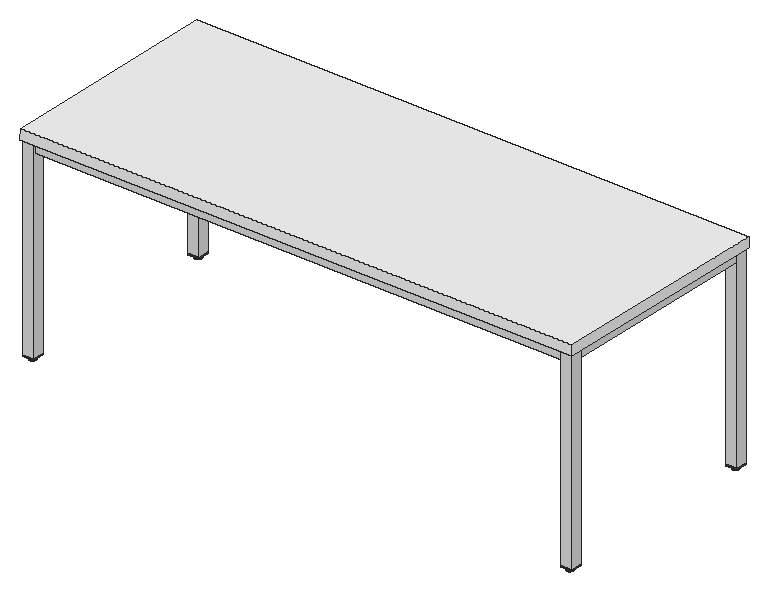
Revit family "Deck Steel Frame 800 Deep 750 High", category Furniture, Revit 2016
Family settings
  OmniClass Number = 23.40.20.00
  OmniClass Title = General Furniture and Specialties
  Work Plane-Based = No
  Always vertical = Yes
  Cut with Voids When Loaded = No
  Shared = No
  Room Calculation Point = No
Parameters (values of type "2000 x 800")
  Width = 2000 mm
  URL = "www.gof.co.uk"
  Type Comments = ""
  Range = "DECK"
  Product Code = "DCTSM20"
  Table Top = Gresham - White MFC
  Model = ""
  Manufacturer = "Gresham Office Furniture"  # constant formula
  Frame = Gresham - Silver Metal
  Foot = Gresham - Black Plastic
  Assembly Code = "E2020200"
Types (7, lengths in mm): name | Width | Product Code
  (no name) | 2000 | "DCTSM20"
  1600 x 800 | 1600 | "DCTSM16"
  1800 x 800 | 1800 | "DCTSM18"
  1400 x 800 | 1400 | "DCTSM14"
  2000 x 800 | 2000 | "DCTSM20"
  1200 x 800 | 1200 | "DCTSM12"
  1000 x 800 | 1000 | "DCTSM10"
Reference planes
  plane 1 "Center (Front/Back)": y = 0
  plane 2: z = 0
  plane 3 "Center (Left/Right)": x = 0
  plane 4: x = -1000
  plane 5: x = 1000
  plane 6 "Table Underside": z = 714
  plane 7: y = 400
  plane 8: y = -400
  plane 9 "Foot": z = 15
  plane 10: y = 62.5
  plane 11: y = -62.5
Forms (mm)
  Extrusion 1, solid, material "Gresham - Black Plastic"
    sketch origin (474.491, 501.168, 0) x (0.707107, -0.707107, 0) y (0.707107, 0.707107, 0)
      loop
        circle (973.358, -265.673) r 12
      loop
        circle (443.086, 264.6) r 12
    from 0 to 5
  Extrusion 2, solid, material "Gresham - White MFC" <- "Table Top"
    sketch origin (0, 0, 714) x (-1, 0, 0) y (0, -1, 0)
      loop
        line (-1000, -400) -> (1000, -400) -> (1000, 400) -> (-1000, 400) -> (-1000, -400)
    from 0 to 36
  Extrusion 3, solid, material "Gresham - Silver Metal" <- "Frame"
    sketch origin (995, -16.506, 0) x (0, -1, 0) y (0, 0, 1)
      loop
        line (338.494, 714) -> (338.494, 15) -> (378.494, 15) -> (378.494, 714) -> (338.494, 714)
    from 0 to 40
  Extrusion 4, solid, material "Gresham - Silver Metal"
    sketch origin (0, 16.622, 15) x (-1, 0, 0) y (0, -1, 0)
      loop
        circle (-975, 391.622) r 5
      loop
        circle (-975, -358.378) r 5
    from -10 to -5
  Extrusion 5, solid, material "Gresham - Black Plastic" <- "Foot"
    sketch origin (0, 0, 15) x (-1, 0, 0) y (0, -1, 0)
      loop
        line (-995, 395) -> (-995, 355) -> (-955, 355) -> (-955, 395) -> (-995, 395)
      loop
        line (-995, -395) -> (-955, -395) -> (-955, -355) -> (-995, -355) -> (-995, -395)
      loop
        line (995, 395) -> (955, 395) -> (955, 355) -> (995, 355) -> (995, 395)
      loop
        line (995, -395) -> (995, -355) -> (955, -355) -> (955, -395) -> (995, -395)
    from 0 to -5
  Extrusion 6, solid, material "Gresham - Silver Metal" <- "Frame"
    sketch origin (-995, -16.506, 0) x (0, -1, 0) y (0, 0, -1)
      loop
        line (338.494, -714) -> (378.494, -714) -> (378.494, -15) -> (338.494, -15) -> (338.494, -714)
    from 0 to 40
  Extrusion 7, solid, material "Gresham - Silver Metal" <- "Frame"
    sketch origin (995, 16.506, 0) x (0, 1, 0) y (0, 0, -1)
      loop
        line (338.494, -714) -> (378.494, -714) -> (378.494, -15) -> (338.494, -15) -> (338.494, -714)
    from 0 to 40
  Extrusion 8, solid, material "Gresham - Silver Metal" <- "Frame"
    sketch origin (-995, 16.506, 0) x (0, 1, 0) y (0, 0, 1)
      loop
        line (338.494, 714) -> (338.494, 15) -> (378.494, 15) -> (378.494, 714) -> (338.494, 714)
    from 0 to 40
  Extrusion 9, solid, material "Gresham - Black Plastic"
    sketch origin (-474.491, 501.168, 0) x (-0.707107, -0.707107, 0) y (0.707107, -0.707107, 0)
      loop
        circle (973.358, 265.673) r 12
      loop
        circle (443.086, -264.6) r 12
    from 0 to 5
  Extrusion 10, solid, material "Gresham - Silver Metal"
    sketch origin (0, 16.622, 15) x (1, 0, 0) y (0, 1, 0)
      loop
        circle (-975, -391.622) r 5
      loop
        circle (-975, 358.378) r 5
    from -10 to -5
  Extrusion 11, solid, material "Gresham - Silver Metal" <- "Frame"
    sketch origin (-955, -16.506, 0) x (0, -1, 0) y (0, 0, -1)
      loop
        line (374.494, -714) -> (374.494, -682) -> (342.494, -682) -> (342.494, -714) -> (374.494, -714)
    from 0 to 1910
  Extrusion 12, solid, material "Gresham - Silver Metal" <- "Frame"
    sketch origin (-955, 16.506, 0) x (0, 1, 0) y (0, 0, 1)
      loop
        line (374.494, 714) -> (342.494, 714) -> (342.494, 682) -> (374.494, 682) -> (374.494, 714)
    from 0 to 1910
  Extrusion 13, solid, material "Gresham - Silver Metal" <- "Frame"
    sketch origin (-516.506, 355, 0) x (-1, 0, 0) y (0, 0, -1)
      loop
        line (474.494, -714) -> (474.494, -682) -> (442.494, -682) -> (442.494, -714) -> (474.494, -714)
    from 0 to 710
  Extrusion 14, solid, material "Gresham - Silver Metal" <- "Frame"
    sketch origin (516.506, 355, 0) x (1, 0, 0) y (0, 0, 1)
      loop
        line (474.494, 714) -> (442.494, 714) -> (442.494, 682) -> (474.494, 682) -> (474.494, 714)
    from 0 to 710
Dimensions and locks
  locked: plane 6 "Table Underside" to plane 2 at 714
  equal spacing: plane 4, plane 3 "Center (Left/Right)", plane 5
  "Width": plane 4 to plane 5
  equal spacing: plane 7, plane 1 "Center (Front/Back)", plane 8
  locked: plane 7 to plane 8 at 800
  locked: Extrusion 2 to level at 750
  locked: Extrusion 3 to Extrusion 3 at 40  (x2)
  plane 7 to Extrusion 3 = 755 mm
  locked: Extrusion 3 to plane 8 at 5
  plane 9 "Foot" to plane 2 = 15 mm
  locked: Extrusion 3 to plane 5 at 5
  equal spacing: plane 11, plane 1 "Center (Front/Back)", plane 10
  plane 10 to plane 11 = 125 mm
  locked: Extrusion 2 to Extrusion 2 at 36
  locked: Extrusion 2 to Extrusion 4 sketch curve at 25  (x2)
  locked: Extrusion 2 to Extrusion 1 sketch curve at 25.041
  locked: Extrusion 6 to Extrusion 6 at 40  (x2)
  locked: plane 7 to Extrusion 1 sketch curve at 25.041
  locked: Extrusion 4 sketch curve to Extrusion 2 at 25  (x2)
  locked: Extrusion 7 to Extrusion 7 at 40  (x2)
  locked: Extrusion 8 to Extrusion 8 at 40  (x2)
  locked: Extrusion 2 to Extrusion 10 sketch curve at 25
  locked: Extrusion 10 sketch curve to plane 8 at 25
  locked: plane 7 to Extrusion 10 sketch curve at 25
  locked: plane 4 to Extrusion 10 sketch curve at 25
  locked: Extrusion 2 to Extrusion 9 sketch curve at 25.1  (x2)
  locked: Extrusion 2 to Extrusion 9 sketch curve at 25.041  (x2)
  locked: Extrusion 1 sketch curve to plane 5 at 25.1  (x2)
  locked: Extrusion 7 to plane 5 at 5
  locked: plane 7 to Extrusion 7 at 5
  locked: plane 4 to Extrusion 8 at 5
  locked: plane 7 to Extrusion 8 at 5
  locked: plane 4 to Extrusion 6 at 5
  locked: Extrusion 6 to plane 8 at 5
  locked: Extrusion 11 sketch curve to Extrusion 11 sketch curve at 32
  locked: Extrusion 11 sketch curve to Extrusion 2 at 32
  locked: Extrusion 12 sketch curve to Extrusion 12 sketch curve at 32
  locked: Extrusion 13 sketch curve to Extrusion 13 sketch curve at 32
  locked: Extrusion 14 sketch curve to Extrusion 14 sketch curve at 32
  aligned and locked: level to plane 2
  aligned and locked: Extrusion 2 to plane 8
  aligned and locked: plane 7 to Extrusion 2
  aligned and locked: Extrusion 2 sketch curve to plane 4
  aligned and locked: Extrusion 2 sketch curve to plane 8
  aligned and locked: Extrusion 2 sketch curve to plane 5
  aligned and locked: plane 7 to Extrusion 2 sketch curve
  aligned and locked: Extrusion 3 to plane 9 "Foot"
  aligned and locked: Extrusion 2 to plane 6 "Table Underside"
  aligned and locked: Extrusion 11 to Extrusion 3
  aligned and locked: Extrusion 12 to Extrusion 7
  aligned and locked: Extrusion 13 to Extrusion 8
  aligned and locked: Extrusion 13 to Extrusion 6
  aligned and locked: Extrusion 14 to Extrusion 7
  aligned and locked: Extrusion 14 to Extrusion 3
Automatic sketch dimensions
  Extrusion 3 sketch curve to plane 9 "Foot" = 0 mm
  Extrusion 3 sketch curve to plane 6 "Table Underside" = 0 mm
  plane 8 to Extrusion 3 sketch curve = 45 mm
  plane 8 to Extrusion 3 sketch curve = 5 mm
  Extrusion 6 sketch curve to plane 9 "Foot" = 0 mm
  Extrusion 6 sketch curve to plane 6 "Table Underside" = 0 mm
  plane 8 to Extrusion 6 sketch curve = 45 mm
  plane 8 to Extrusion 6 sketch curve = 5 mm
  Extrusion 7 sketch curve to plane 9 "Foot" = 0 mm
  Extrusion 7 sketch curve to plane 6 "Table Underside" = 0 mm
  Extrusion 7 sketch curve to plane 7 = 45 mm
  Extrusion 7 sketch curve to plane 7 = 5 mm
  Extrusion 8 sketch curve to plane 9 "Foot" = 0 mm
  Extrusion 8 sketch curve to plane 6 "Table Underside" = 0 mm
  Extrusion 8 sketch curve to plane 7 = 45 mm
  Extrusion 8 sketch curve to plane 7 = 5 mm
  Extrusion 11 sketch curve to Extrusion 6 = 0 mm
  Extrusion 11 sketch curve to Extrusion 6 = 4 mm
  Extrusion 6 to Extrusion 12 sketch curve = 0 mm
  Extrusion 6 to Extrusion 12 sketch curve = 714 mm
  Extrusion 12 sketch curve to Extrusion 6 = 32 mm
  Extrusion 13 sketch curve to plane 6 "Table Underside" = 0 mm
  plane 4 to Extrusion 13 sketch curve = 41 mm
  Extrusion 13 sketch curve to Extrusion 13 sketch curve = 32 mm
  Extrusion 14 sketch curve to plane 6 "Table Underside" = 0 mm
  plane 5 to Extrusion 14 sketch curve = 41 mm
  Extrusion 14 sketch curve to plane 6 "Table Underside" = 32 mm
  plane 5 to Extrusion 5 sketch curve = 5 mm  (x2)
  plane 8 to Extrusion 5 sketch curve = 5 mm  (x2)
  Extrusion 5 sketch curve to Extrusion 5 sketch curve = 40 mm  (x5)
  Extrusion 5 sketch curve to plane 7 = 5 mm  (x2)
  plane 4 to Extrusion 5 sketch curve = 45 mm  (x2)
  plane 4 to Extrusion 5 sketch curve = 5 mm  (x2)
  plane 8 to Extrusion 5 sketch curve = 45 mm
  radius of Extrusion 1 sketch curve = 12 mm  (x2)
  radius of Extrusion 4 sketch curve = 5 mm  (x2)
  radius of Extrusion 9 sketch curve = 12 mm  (x2)
  radius of Extrusion 10 sketch curve = 5 mm  (x2)
